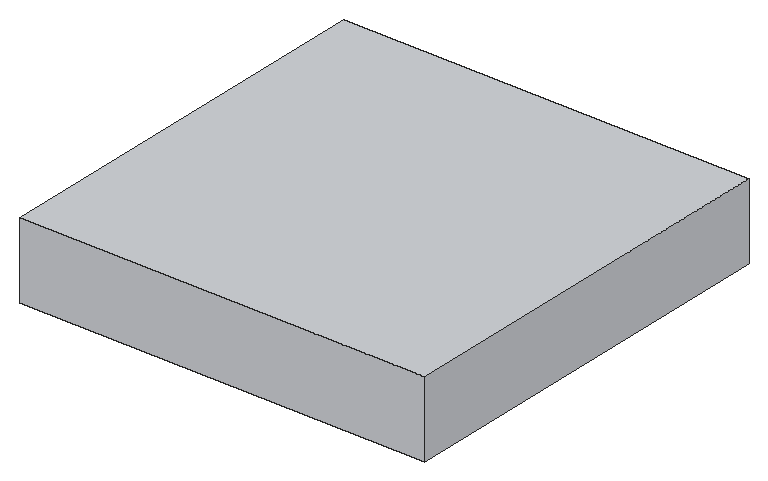
Revit family "CA-Panel", category Generic Models, host Ceiling, Revit 2011
Parameters (values of type "2'x2'")
  Width = 23 3/16"
  URL = "http://www.wengercorp.com/Home/Contact.html"
  Type Comments = "Rectangular"
  Thickness = 4 3/8"
  Part Number = "161G110"
  Manufacturer = "Wenger Corporation"
  Length = 23 3/16"
  Keynote = "Wenger Acoustic Ceiling Absorber Panels"
  Description = "Acoustic Panel"
Types (7): name | Width | Length
  (no name) | 23 3/16" | 23 3/16"
  4'x4' | 47" | 47"
  3'x4' | 35 3/16" | 47"
  3'x3' | 35 3/16" | 35 3/16"
  2'x4' | 23 3/16" | 47"
  2'x3' | 23 3/16" | 35 3/16"
  2'x2' | 23 3/16" | 23 3/16"
Reference planes (in)
  plane 1 "Center (Front/Back)": y = 0
  plane 2 "Ceiling": z = 96
  plane 3 "Center (Left/Right)": x = 0
  plane 4: x = -11.59375
  plane 5: x = 11.59375
  plane 6: y = 11.59375
  plane 7: y = -11.59375
  plane 8: z = 91.625
Forms (in)
  Extrusion 1, solid
    sketch origin (0, 0, 96) x (1, 0, 0) y (0, 1, 0)
      loop
        line (-11.59375, 11.59375) -> (-11.59375, -11.59375) -> (11.59375, -11.59375) -> (11.59375, 11.59375) -> (-11.59375, 11.59375)
    from 0 to -4.375
Dimensions and locks (in)
  equal spacing: host sketch curve, plane 3 "Center (Left/Right)", host sketch curve
  equal spacing: host sketch curve, plane 1 "Center (Front/Back)", host sketch curve
  host sketch curve to host sketch curve = 120"  (x2)
  equal spacing: plane 4, plane 3 "Center (Left/Right)", plane 5
  equal spacing: plane 6, plane 1 "Center (Front/Back)", plane 7
  "Length": plane 6 to plane 7
  "Width": plane 4 to plane 5
  "Thickness": plane 2 "Ceiling" to plane 8
  aligned and locked: Extrusion 1 sketch curve to plane 6
  aligned and locked: Extrusion 1 sketch curve to plane 5
  aligned and locked: plane 7 to Extrusion 1 sketch curve
  aligned and locked: plane 4 to Extrusion 1 sketch curve
